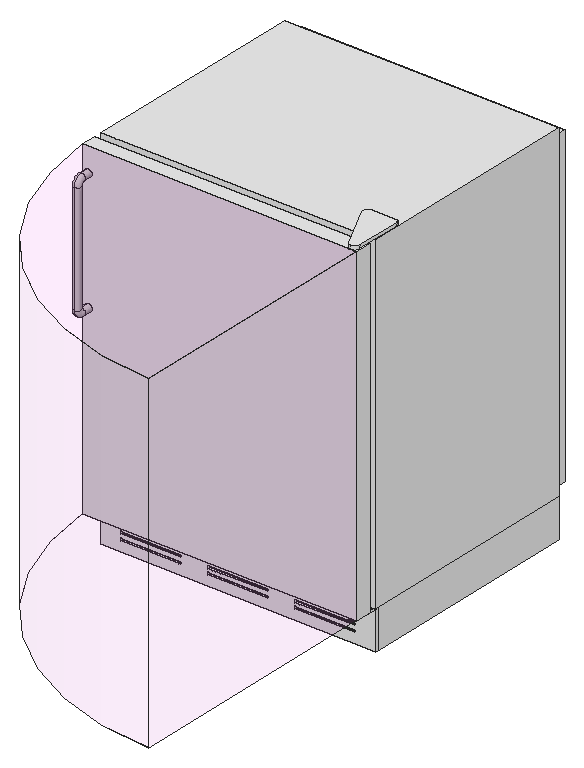
Revit family "QF_Summit_FF6WADA_Refrigerator", category Specialty Equipment, Revit 2020
Family settings
  Round Connector Dimension = Use Diameter
  Part Type = Normal
  Work Plane-Based = No
  Always vertical = Yes
  Cut with Voids When Loaded = No
  Shared = No
  Room Calculation Point = No
Parameters
  Weight in Pounds = 100
  Watts = Volts * FL Amps  # 103.5 W
  Volts = 115 V
  URL Cutsheet = ""
  Specification by User = ""
  Specification by Manufacturer = ""
  Show LHD [instance] = no
  Right Hinged Door [instance] = not(Show LHD)  # yes
  Serial Number = ""
  Seismic Rating = ""
  SMACNA No = ""
  Revision Code = ""
  Refrigerant Volume = 0.00 kip
  Refrigerant Type = "R600a"
  Phase = 1
  Number of Poles = 1
  NAFEM Spec ID Number = ""
  Model = "FF6WADA"
  Min Ckt Ampacity = 0 A
  Max Overcurrent Protection = 0 A
  Masterspec = ""
  Manufacturer = "Summit"
  Length = 23 5/8"
  Item Number = ""
  Installed By = ""
  Identify Quantity as Lot = yes
  Height = 32 1/4"
  HP = ""
  Furnished By = ""
  Foodservice Equipment Identifier = yes
  FL Amps = 0.9 A
  Electrical Remarks = ""
  Electric Connection Type = ""
  Elec Conn RI Height = 0"
  Elec Conn Connection Height = 0"
  Description = "Refrigerator"
  Depth = 23"
  Default Elevation = 0"
  Cycle = 60 Hz
  Conn Plug = ""
  Conn Conduit = yes
  CSI MasterFormat = ""
  BTUH = 0.0 Btu/h
  Apparent Power = if(Phase = 3, Volts * FL Amps * 1.73, Volts * FL Amps)  # 103.5 VA
Reference planes (in)
  plane 1 "BACK": y = 0
  plane 2: z = 0
  plane 3 "LEFT": x = 0
  plane 4 "RIGHT": x = 23.625
  plane 5 "FRONT": y = -23
  plane 6 "TOP": z = 32.25
  plane 7 "Center Y": x = 11.8125
  plane 8 "Center X": y = -11.5
  plane 9: z = 32
  plane 10: y = -24.5
  plane 11: y = -45.375
  plane 12: y = -1.25
  plane 13: y = -21
  plane 14: x = 15.625
  plane 15: z = 3.5
  plane 16: z = 0.25
Forms (in)
  Extrusion 1, solid, material "QF_Clearances_Door_Drawer", visible <- "Right Hinged Door"
    sketch origin (-5.77638, -180, 3.5) x (0, -1, 0) y (-1, 0, 0)
      loop
        line (-157, -29.40138) -> (-134.625, -29.40138)
        arc (-134.625, -29.40138) -> (-141.23974, -13.26493) -> (-157, -5.79807) r 24.13488
        line (-157, -5.79807) -> (-157, -29.40138)
    from 0 to -28.5
  Extrusion 2, solid, material "QF_Metallic_Paint_White_Smooth"
    sketch origin (-4.07558, -180, 0.375) x (-1, 0, 0) y (0, -1, 0)
      loop
        line (-4.07558, -178.75) -> (-4.07558, -159) -> (-27.70058, -159) -> (-27.70058, -178.75) -> (-4.07558, -178.75)
    from 3.125 to 31.625
  Extrusion 3, solid, material "QF_Metallic_Paint_White_Smooth"
    sketch origin (-5.77638, -180.25, 3.625) x (-1, 0, 0) y (0, -1, 0)
      loop
        line (-5.77638, -157.25) -> (-29.40138, -157.25) -> (-29.40138, -158.61283) -> (-5.77638, -158.61283) -> (-5.77638, -157.25)
    from -0.125 to 28.375
  Extrusion 4, solid, material "QF_Metallic_Paint_White_Smooth"
    sketch origin (23.625, -21.63717, 3.625) x (-1, 0, 0) y (0, 0, 1)
      loop
        line (0.5, 0.375) -> (23.125, 0.375) -> (23.125, 27.875) -> (0.5, 27.875) -> (0.5, 0.375)
    from 0 to 0.63717
  Extrusion 5, solid, material "QF_Metallic_Paint_White_Smooth", visible <- "Right Hinged Door"
    sketch origin (-5.77638, -180.25, 32) x (-1, 0, 0) y (0, -1, 0)
      loop
        arc (-29.27619, -161.72812) -> (-29.20297, -161.9049) -> (-29.02619, -161.97812) r 0.25
        line (-29.02619, -161.97812) -> (-26.9149, -161.97812)
        arc (-26.9149, -161.97812) -> (-26.55876, -161.77457) -> (-26.55339, -161.36441) r 0.41333
        line (-26.55339, -161.36441) -> (-28.47012, -157.54371)
        arc (-28.47012, -157.54371) -> (-28.95386, -157.33588) -> (-29.27619, -157.75217) r 0.42999
        line (-29.27619, -157.75217) -> (-29.27619, -161.72812)
    from 0 to 0.25
  Extrusion 6, solid, material "QF_Metallic_Paint_White_Smooth", visible <- "Right Hinged Door"
    sketch origin (-5.77638, -180, 3.5) x (0, 1, 0) y (1, 0, 0)
      loop
        line (159, 29.27619) -> (157.50217, 29.27619)
        arc (157.50217, 29.27619) -> (157.08588, 28.95386) -> (157.29371, 28.47012) r 0.42999
        line (157.29371, 28.47012) -> (159, 27.61413) -> (159, 29.27619)
    from 0 to 0.125
  Extrusion 7, solid, material "QF_Metallic_Paint_White_Smooth"
    sketch origin (-12.48311, -21, 48.125) x (-1, 0, 0) y (0, 0, 1)
      loop
        line (-12.48311, -44.625) -> (-36.10811, -44.625) -> (-36.10811, -47.875) -> (-12.48311, -47.875) -> (-12.48311, -44.625)
      loop
        line (-14.18872, -45.26011) -> (-19.43872, -45.26011) -> (-19.43872, -45.51011) -> (-14.18872, -45.51011) -> (-14.18872, -45.26011)
      loop
        line (-14.18872, -45.76011) -> (-19.43872, -45.76011) -> (-19.43872, -46.01011) -> (-14.18872, -46.01011) -> (-14.18872, -45.76011)
      loop
        line (-14.18872, -46.26011) -> (-19.43872, -46.26011) -> (-19.43872, -46.51011) -> (-14.18872, -46.51011) -> (-14.18872, -46.26011)
      loop
        line (-14.18872, -46.76011) -> (-19.43872, -46.76011) -> (-19.43872, -47.01011) -> (-14.18872, -47.01011) -> (-14.18872, -46.76011)
      loop
        line (-21.67061, -45.26011) -> (-26.92061, -45.26011) -> (-26.92061, -45.51011) -> (-21.67061, -45.51011) -> (-21.67061, -45.26011)
      loop
        line (-21.67061, -45.76011) -> (-26.92061, -45.76011) -> (-26.92061, -46.01011) -> (-21.67061, -46.01011) -> (-21.67061, -45.76011)
      loop
        line (-21.67061, -46.26011) -> (-26.92061, -46.26011) -> (-26.92061, -46.51011) -> (-21.67061, -46.51011) -> (-21.67061, -46.26011)
      loop
        line (-21.67061, -46.76011) -> (-26.92061, -46.76011) -> (-26.92061, -47.01011) -> (-21.67061, -47.01011) -> (-21.67061, -46.76011)
      loop
        line (-34.40249, -45.26011) -> (-34.40249, -45.51011) -> (-29.15249, -45.51011) -> (-29.15249, -45.26011) -> (-34.40249, -45.26011)
      loop
        line (-34.40249, -45.76011) -> (-34.40249, -46.01011) -> (-29.15249, -46.01011) -> (-29.15249, -45.76011) -> (-34.40249, -45.76011)
      loop
        line (-34.40249, -46.26011) -> (-34.40249, -46.51011) -> (-29.15249, -46.51011) -> (-29.15249, -46.26011) -> (-34.40249, -46.26011)
      loop
        line (-34.40249, -46.76011) -> (-34.40249, -47.01011) -> (-29.15249, -47.01011) -> (-29.15249, -46.76011) -> (-34.40249, -46.76011)
    from 0 to 0.25
  Extrusion 8, solid, material "QF_Metallic_Paint_White_Smooth"
    sketch origin (-12.48311, -1, 48.125) x (-1, 0, 0) y (0, 0, 1)
      loop
        line (-12.48311, -44.625) -> (-36.10811, -44.625) -> (-36.10811, -47.875) -> (-12.48311, -47.875) -> (-12.48311, -44.625)
    from -19.75 to -0.25
  Extrusion 9, solid, material "QF_Metallic_Paint_White_Smooth"
    sketch origin (0, 0, 0.125) x (1, 0, 0) y (0, 1, 0)
      loop
        circle (3.1104, -19) r 0.5
      loop
        circle (3.1104, -3.25) r 0.5
      loop
        circle (18.67791, -19) r 0.5
      loop
        circle (18.67791, -3.25) r 0.5
    from -0.125 to 0.125
  Extrusion 10, solid, material "QF_Metallic_Paint_White_Smooth"
    sketch origin (-1.83669, -1.25, 0.375) x (1, 0, 0) y (0, 0, -1)
      loop
        circle (17.46169, -0.84684) r 0.25
    from 0 to 0.25
  Extrusion 11, solid, material "QF_Metallic_Paint_White_Smooth"
    sketch origin (0, -0.75, 17.875) x (0, -1, 0) y (1, 0, 0)
      loop
        line (-0.75, 0.5) -> (0.5, 0.5) -> (0.5, 23.125) -> (-0.75, 23.125) -> (-0.75, 0.5)
    from -13.875 to 13.25
  Sweep 12, solid, material "QF_Metal_Stainless_Polished", visible <- "Right Hinged Door"
    path origin (0.5, -0.25, 0.125) x (0, 1, 0) y (0, 0, 1)
      loop
        line (-22.75, 30.125) -> (-23.5, 30.125)
        arc (-23.5, 30.125) -> (-24.03033, 29.90533) -> (-24.25, 29.375) r 0.75
        line (-24.25, 29.375) -> (-24.25, 19.875)
        arc (-24.25, 19.875) -> (-24.03033, 19.34467) -> (-23.5, 19.125) r 0.75
        line (-23.5, 19.125) -> (-22.75, 19.125)
    profile origin (0.5, -23.375, 30.25) x (0, 0, -1) y (1, 0, 0)
      loop
        circle (0.3, 0) r 0.3
  Extrusion 13, solid, material "QF_Clearances_Door_Drawer", visible <- "Show LHD"
    sketch origin (29.40138, -180, 3.5) x (0, 1, 0) y (1, 0, 0)
      loop
        line (157, -29.40138) -> (157, -5.79807)
        arc (157, -5.79807) -> (141.23974, -13.26493) -> (134.625, -29.40138) r 24.13488
        line (134.625, -29.40138) -> (157, -29.40138)
    from 0 to -28.5
  Extrusion 14, solid, material "QF_Metallic_Paint_White_Smooth", visible <- "Show LHD"
    sketch origin (29.40138, -180.25, 32) x (1, 0, 0) y (0, 1, 0)
      loop
        line (-29.27619, 161.72812) -> (-29.27619, 157.75217)
        arc (-29.27619, 157.75217) -> (-28.95386, 157.33588) -> (-28.47012, 157.54371) r 0.42999
        line (-28.47012, 157.54371) -> (-26.55339, 161.36441)
        arc (-26.55339, 161.36441) -> (-26.55876, 161.77457) -> (-26.9149, 161.97812) r 0.41333
        line (-26.9149, 161.97812) -> (-29.02619, 161.97812)
        arc (-29.02619, 161.97812) -> (-29.20297, 161.9049) -> (-29.27619, 161.72812) r 0.25
    from 0 to 0.25
  Extrusion 15, solid, material "QF_Metallic_Paint_White_Smooth", visible <- "Show LHD"
    sketch origin (29.40138, -180, 3.5) x (0, -1, 0) y (-1, 0, 0)
      loop
        line (-159, 29.27619) -> (-159, 27.61413) -> (-157.29371, 28.47012)
        arc (-157.29371, 28.47012) -> (-157.08588, 28.95386) -> (-157.50217, 29.27619) r 0.42999
        line (-157.50217, 29.27619) -> (-159, 29.27619)
    from 0 to 0.125
  Sweep 16, solid, material "QF_Metal_Stainless_Polished", visible <- "Show LHD"
    path origin (23.125, -0.25, 0.125) x (0, 1, 0) y (0, 0, -1)
      loop
        line (-22.75, -30.125) -> (-23.5, -30.125)
        arc (-23.5, -30.125) -> (-24.03033, -29.90533) -> (-24.25, -29.375) r 0.75
        line (-24.25, -29.375) -> (-24.25, -19.875)
        arc (-24.25, -19.875) -> (-24.03033, -19.34467) -> (-23.5, -19.125) r 0.75
        line (-23.5, -19.125) -> (-22.75, -19.125)
    profile origin (23.125, -23.375, 30.25) x (0, 0, 1) y (-1, 0, 0)
      loop
        circle (-0.3, 0) r 0.3
Lines and regions (in)
  symbolic lines
    curve 1: line (23.625, -1.25, 0) -> (0, -1.25, 0)
    curve 2: line (23.125, 0, 0) -> (0.5, 0, 0)
    curve 3: line (0.5, 0, 0) -> (0.5, -1.25, 0)
    curve 4: line (23.125, -1.25, 0) -> (23.125, 0, 0)
    curve 5: line (0, -1.25, 0) -> (0, -21, 0)
    curve 6: line (23.625, -21, 0) -> (23.625, -1.25, 0)
    curve 22: line (23.49982, -21, 0) -> (23.625, -21, 0)
    curve 23: line (22.1574, -21.63717, 0) -> (1.4676, -21.63717, 0)
    curve 37: line (1.78725, -21, 0) -> (21.83775, -21, 0)
    curve 40: line (0.12518, -21.63717, 0) -> (0, -21.63717, 0)
  symbolic lines, style "SpecialityEquipment", visible <- "Right Hinged Door"
    curve 7: line (23.24982, -18.27188, 0) -> (21.13852, -18.27188, 0)
    curve 8: arc (21.13852, -18.27188, 0) -> (20.78238, -18.47543, 0) -> (20.77701, -18.88559, 0) r 0.41333
    curve 9: line (20.77701, -18.88559, 0) -> (22.69374, -22.70629, 0)
    curve 10: arc (22.69374, -22.70629, 0) -> (23.17748, -22.91412, 0) -> (23.49982, -22.49783, 0) r 0.42999
    curve 11: line (23.49982, -22.49783, 0) -> (23.49982, -18.52188, 0)
    curve 12: arc (23.49982, -18.52188, 0) -> (23.42659, -18.3451, 0) -> (23.24982, -18.27188, 0) r 0.25
    curve 17: line (0.5, -21, 0) -> (0.5, -21.63717, 0)
    curve 19: line (0.20004, -24.20003, 0) -> (0.20004, -23, 0)
    curve 20: line (0.79999, -23, 0) -> (0.79999, -24.20003, 0)
    curve 21: arc (0.20004, -24.20003, 0) -> (0.50001, -24.5, 0) -> (0.79999, -24.20003, 0) r 0.29997
  symbolic lines, style "SpecialityEquipment"
    curve 13: line (23.625, -23, 0) -> (23.625, -21.63717, 0)
    curve 14: line (0, -23, 0) -> (23.625, -23, 0)
    curve 15: line (23.625, -21.63717, 0) -> (23.49982, -21.63717, 0)
    curve 16: line (0, -21, 0) -> (0.12518, -21, 0)
    curve 18: line (0, -21.63717, 0) -> (0, -23, 0)
  symbolic lines, style "QF_Clearances_Door_Drawer", visible <- "Right Hinged Door"
    curve 24: line (23.625, -23, 0) -> (3.86412, -34.40895, 0)
    curve 25: arc (3.86412, -34.40895, 0) -> (1.22013, -28.9479, 0) -> (0.02169, -23, 0) r 24.13488
  symbolic lines, style "SpecialityEquipment", visible <- "Show LHD"
    curve 26: line (0.37518, -18.27188, 0) -> (2.48648, -18.27188, 0)
    curve 27: arc (2.48648, -18.27188, 0) -> (2.84262, -18.47543, 0) -> (2.84799, -18.88559, 0) r 0.41333
    curve 28: line (2.84799, -18.88559, 0) -> (0.93126, -22.70629, 0)
    curve 29: arc (0.93126, -22.70629, 0) -> (0.44752, -22.91412, 0) -> (0.12518, -22.49783, 0) r 0.42999
    curve 30: line (0.12518, -22.49783, 0) -> (0.12518, -18.52188, 0)
    curve 31: arc (0.12518, -18.52188, 0) -> (0.19841, -18.3451, 0) -> (0.37518, -18.27188, 0) r 0.25
    curve 32: line (23.42496, -24.20003, 0) -> (23.42496, -23, 0)
    curve 33: line (22.82501, -23, 0) -> (22.82501, -24.20003, 0)
    curve 34: arc (23.42496, -24.20003, 0) -> (23.12499, -24.5, 0) -> (22.82501, -24.20003, 0) r 0.29997
    curve 41: line (23.125, -21, 0) -> (23.125, -21.63717, 0)
  symbolic lines, style "QF_Clearances_Door_Drawer", visible <- "Show LHD"
    curve 35: line (0, -23, 0) -> (19.76088, -34.40895, 0)
    curve 36: arc (19.76088, -34.40895, 0) -> (22.40487, -28.9479, 0) -> (23.60331, -23, 0) r 24.13488
  symbolic lines, visible <- "Right Hinged Door"
    curve 38: line (0.12518, -21, 0) -> (1.78725, -21, 0)
    curve 39: line (1.4676, -21.63717, 0) -> (0.12518, -21.63717, 0)
  symbolic lines, visible <- "Show LHD"
    curve 42: line (23.49982, -21, 0) -> (21.83775, -21, 0)
    curve 43: line (22.1574, -21.63717, 0) -> (23.49982, -21.63717, 0)
Dimensions and locks (in)
  equal spacing: plane 3 "LEFT", plane 7 "Center Y", plane 4 "RIGHT"
  "Length": plane 3 "LEFT" to plane 4 "RIGHT"
  equal spacing: plane 5 "FRONT", plane 8 "Center X", plane 1 "BACK"
  "Depth": plane 5 "FRONT" to plane 1 "BACK"
  "Height": plane 6 "TOP" to level
  plane 4 "RIGHT" to plane 3 "LEFT" = 23 5/8"
  locked: plane 6 "TOP" to plane 9 at 0.25
  locked: plane 10 to plane 5 "FRONT" at 1.5
  plane 1 "BACK" to plane 12 = 1 1/4"
  plane 12 to plane 13 = 19 3/4"
  plane 9 to plane 2 = 32"
  plane 11 to plane 1 "BACK" = 45 3/8"
  plane 15 to plane 16 = 3 1/4"
  plane 16 to plane 2 = 1/4"
  plane 14 to plane 4 "RIGHT" = 8"
  aligned and locked: level to plane 2
Automatic sketch dimensions
  plane 5 "FRONT" to Extrusion 1 sketch curve = 0"
  Extrusion 1 sketch curve to plane 4 "RIGHT" = 0"
  Extrusion 1 sketch curve to plane 11 = 0"
  Extrusion 1 sketch curve to plane 13 = 0.24465"
  plane 3 "LEFT" to Extrusion 1 sketch curve = 0.02169"
  Extrusion 2 sketch curve to plane 4 "RIGHT" = 0"
  Extrusion 2 sketch curve to plane 3 "LEFT" = 0"
  Extrusion 2 sketch curve to plane 12 = 0"
  Extrusion 2 sketch curve to plane 13 = 0"
  Extrusion 3 sketch curve to plane 4 "RIGHT" = 0"
  Extrusion 3 sketch curve to plane 3 "LEFT" = 0"
  plane 5 "FRONT" to Extrusion 3 sketch curve = 0"
  Extrusion 3 sketch curve to plane 13 = 0.63717"
  Extrusion 3 to Extrusion 4 sketch curve = 1/2"  (x3)
  Extrusion 4 sketch curve to Extrusion 3 = 1/2"
  Extrusion 5 sketch curve to Extrusion 3 = 0.12518"
  Extrusion 5 sketch curve to Extrusion 5 sketch curve = 1/4"
  Extrusion 5 sketch curve to Extrusion 5 sketch curve = 0.42999"
  Extrusion 5 sketch curve to Extrusion 3 = 0.29371"
  Extrusion 5 sketch curve to Extrusion 5 sketch curve = 0.37608"
  Extrusion 5 sketch curve to Extrusion 5 sketch curve = 2.1113"
  Extrusion 5 sketch curve to Extrusion 5 sketch curve = 0.36151"
  Extrusion 3 to Extrusion 5 sketch curve = 2.75158"
  Extrusion 5 sketch curve to Extrusion 5 sketch curve = 0.20039"
  Extrusion 6 sketch curve to plane 13 = 0"
  Extrusion 6 sketch curve to plane 5 "FRONT" = 0.50217"
  Extrusion 6 sketch curve to plane 5 "FRONT" = 0.29371"
  plane 4 "RIGHT" to Extrusion 6 sketch curve = 0.12518"
  Extrusion 6 sketch curve to Extrusion 6 sketch curve = 0.42999"
  Extrusion 6 sketch curve to Extrusion 6 sketch curve = 1.66207"
  plane 4 "RIGHT" to Extrusion 7 sketch curve = 0"
  Extrusion 7 sketch curve to plane 3 "LEFT" = 0"
  Extrusion 7 sketch curve to plane 16 = 0"
  Extrusion 7 sketch curve to plane 15 = 0"
  plane 4 "RIGHT" to Extrusion 7 sketch curve = 1.70562"
  Extrusion 7 sketch curve to Extrusion 7 sketch curve = 0"  (x18)
  Extrusion 7 sketch curve to plane 14 = 1.04438"
  plane 14 to Extrusion 7 sketch curve = 1 3/16"
  Extrusion 7 sketch curve to plane 15 = 1.13511"
  Extrusion 7 sketch curve to plane 7 "Center Y" = 2 5/8"
  plane 16 to Extrusion 7 sketch curve = 1.11489"
  Extrusion 7 sketch curve to Extrusion 7 sketch curve = 2.23188"
  plane 3 "LEFT" to Extrusion 7 sketch curve = 1.70562"
  plane 16 to Extrusion 7 sketch curve = 0.86489"  (x2)
  Extrusion 7 sketch curve to Extrusion 7 sketch curve = 1/4"  (x20)
  plane 4 "RIGHT" to Extrusion 8 sketch curve = 0"
  Extrusion 8 sketch curve to plane 3 "LEFT" = 0"
  Extrusion 8 sketch curve to plane 16 = 0"
  Extrusion 8 sketch curve to plane 15 = 0"
  plane 3 "LEFT" to Extrusion 9 sketch curve = 3.1104"  (x2)
  Extrusion 9 sketch curve to plane 14 = 3.05291"  (x2)
  plane 13 to Extrusion 9 sketch curve = 2"  (x2)
  Extrusion 9 sketch curve to plane 12 = 2"  (x2)
  Extrusion 10 sketch curve to Extrusion 2 = 2.27816"
  Extrusion 10 sketch curve to Extrusion 2 = 8"
  plane 1 "BACK" to Extrusion 11 sketch curve = 0"
  Extrusion 11 sketch curve to plane 12 = 0"
  plane 3 "LEFT" to Extrusion 11 sketch curve = 1/2"
  plane 4 "RIGHT" to Extrusion 11 sketch curve = 1/2"
  Sweep 12 sketch curve to plane 10 = 0"
  Sweep 12 sketch curve to plane 5 "FRONT" = 0"  (x2)
  plane 5 "FRONT" to Sweep 12 sketch curve = 3/4"  (x2)
  Sweep 12 sketch curve to plane 9 = 12 3/4"
  Sweep 12 sketch curve to plane 9 = 2 1/2"
  Sweep 12 sketch curve to profile plane = 0"
  Sweep 12 sketch curve to profile plane = 0.3"
  Extrusion 13 sketch curve to plane 3 "LEFT" = 0"
  Extrusion 13 sketch curve to plane 11 = 0"
  plane 5 "FRONT" to Extrusion 13 sketch curve = 0"
  Extrusion 13 sketch curve to plane 13 = 0.24465"
  plane 4 "RIGHT" to Extrusion 13 sketch curve = 0.02169"
  Extrusion 14 sketch curve to Extrusion 3 = 0.12518"
  Extrusion 14 sketch curve to Extrusion 14 sketch curve = 1/4"
  Extrusion 14 sketch curve to Extrusion 14 sketch curve = 0.42999"
  Extrusion 14 sketch curve to Extrusion 3 = 0.29371"
  Extrusion 14 sketch curve to Extrusion 14 sketch curve = 0.37608"
  Extrusion 14 sketch curve to Extrusion 14 sketch curve = 2.1113"
  Extrusion 14 sketch curve to Extrusion 14 sketch curve = 0.36151"
  Extrusion 3 to Extrusion 14 sketch curve = 2.75158"
  Extrusion 14 sketch curve to Extrusion 14 sketch curve = 0.20039"
  Extrusion 15 sketch curve to plane 13 = 0"
  plane 3 "LEFT" to Extrusion 15 sketch curve = 0.12518"
  Extrusion 15 sketch curve to plane 5 "FRONT" = 0.50217"
  Extrusion 15 sketch curve to plane 5 "FRONT" = 0.29371"
  Extrusion 15 sketch curve to Extrusion 15 sketch curve = 0.42999"
  Extrusion 15 sketch curve to Extrusion 15 sketch curve = 1.66207"
  Sweep 16 sketch curve to plane 10 = 0"
  Sweep 16 sketch curve to plane 5 "FRONT" = 0"  (x2)
  plane 5 "FRONT" to Sweep 16 sketch curve = 3/4"  (x2)
  Sweep 16 sketch curve to plane 9 = 1 3/4"
  Sweep 16 sketch curve to Sweep 16 sketch curve = 9 1/2"
  profile plane to Sweep 16 sketch curve = 0"
  profile plane to Sweep 16 sketch curve = 0.3"
  curve 1 to plane 3 "LEFT" = 0"
  curve 35 to plane 3 "LEFT" = 0"
  plane 5 "FRONT" to curve 25 = 0"
  curve 38 to plane 13 = 0"
  curve 16 to plane 13 = 0"
  plane 1 "BACK" to curve 2 = 0"
  curve 3 to plane 12 = 0"
  curve 37 to plane 13 = 0"
  curve 42 to plane 13 = 0"
  curve 22 to plane 13 = 0"
  curve 6 to plane 4 "RIGHT" = 0"
  curve 24 to plane 4 "RIGHT" = 0"
  curve 36 to plane 3 "LEFT" = 0.46765"
  plane 3 "LEFT" to curve 30 = 0.12518"
  plane 3 "LEFT" to curve 19 = 0.20004"
  curve 30 to curve 26 = 1/4"
  plane 3 "LEFT" to curve 2 = 1/2"
  curve 19 to curve 21 = 0.29997"
  curve 30 to curve 29 = 0.42999"
  curve 28 to plane 5 "FRONT" = 0.29371"
  curve 20 to curve 28 = 0.13127"
  curve 23 to plane 13 = 0.63717"
  curve 28 to curve 23 = 0.53634"
  curve 26 to curve 26 = 2.1113"
  plane 13 to curve 28 = 2.11441"
  plane 3 "LEFT" to curve 24 = 3.86412"
  plane 4 "RIGHT" to curve 35 = 3.86412"
  plane 4 "RIGHT" to curve 9 = 2.84799"
  curve 9 to curve 8 = 0.36151"
  curve 9 to plane 5 "FRONT" = 0.29371"
  plane 4 "RIGHT" to curve 9 = 0.93126"
  plane 4 "RIGHT" to curve 33 = 0.79999"
  curve 9 to curve 10 = 0.37608"
  curve 34 to curve 34 = 0.29997"
  plane 4 "RIGHT" to curve 4 = 1/2"
  plane 4 "RIGHT" to curve 7 = 0.37518"
  plane 4 "RIGHT" to curve 11 = 0.12518"
  curve 25 to plane 4 "RIGHT" = 0.46765"
  plane 10 to curve 19 = 0.29997"
  plane 10 to curve 34 = 0.29997"
  curve 35 to plane 10 = 9.90895"
  curve 24 to plane 10 = 9.90895"
  curve 18 to curve 5 = 0.63717"
  curve 15 to plane 13 = 0.63717"
  curve 39 to curve 40 = 0"
  curve 25 to plane 13 = 0.24465"
  curve 36 to plane 13 = 0.24465"
  plane 13 to curve 9 = 2.11441"
  curve 9 to curve 8 = 0.20039"
  curve 28 to curve 27 = 0.20039"
  curve 16 to curve 17 = 0.37482"
  curve 43 to curve 23 = 0"
  curve 41 to curve 42 = 0.37482"
  radius of Extrusion 9 sketch curve = 1/2"  (x4)
  radius of Extrusion 10 sketch curve = 1/4"
  radius of Sweep 12 sketch curve = 0.3"
  radius of Sweep 16 sketch curve = 0.3"
Connectors (in)
  electrical at (15.625, -1, 1.22184), driven by "Volts", driven by "Watts"
    settings: on Extrusion 10, index 2, voltage 115 V, apparent load 103.5 VA, apparent load phase1 0 VA, apparent load phase2 0 VA, apparent load phase3 0 VA, power factor 1, load classification "Other", number of poles 1, system type 30, power factor state 1, is connector primary yes, connector utility no, sub classification motor no, connector description ""
